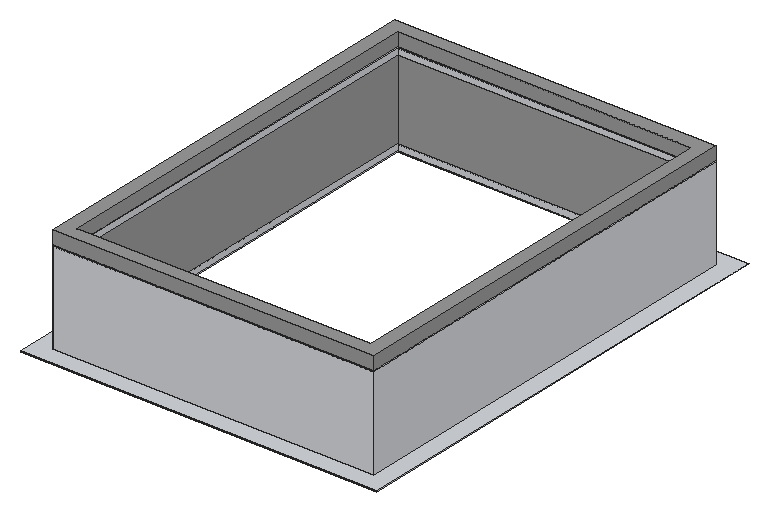
Revit family "UCC-3 (Flat Roof)", category Mechanical Equipment, Revit 2015
Parameters
  URL = "https://unitedenertech.com/catalog/pdf/M_3%20UCC-3.pdf"
  Type Comments = "Consult Factory for Max. Sizes"
  Model = "UCC-3"
  Manufacturer = "United Enertech Corporation"
  Height (12" Standard) = 1' - 0"
  Description = "Conventional Roof Curb (for Flat Roofs)"
  B Side O.D. = 4' - 0"
  A Side O.D. = 3' - 0"
Reference planes (in)
  plane 1 "Center (Front/Back)": y = 0
  plane 2: z = 0
  plane 3 "Center (Left/Right)": x = 0
  plane 4: x = -18
  plane 5: x = 18
  plane 6: y = -24
  plane 7: y = 24
  plane 8: x = -16.5
  plane 9: y = -22.5
  plane 10: x = 16.5
  plane 11: y = 22.5
  plane 12: x = -17.9522
  plane 13: x = -16.5478
  plane 14: x = -20
  plane 15: x = 17.9522
  plane 16: x = 16.5478
  plane 17: x = 20
  plane 18: y = -26
  plane 19: y = -23.9522
  plane 20: y = -22.5478
  plane 21: y = 26
  plane 22: y = 23.9522
  plane 23: y = 22.5478
  plane 24: z = 0.0478
  plane 25: z = 12
  plane 26: z = 10.5
  plane 27: z = 9.75
  plane 28: z = 0.7978
  plane 29: z = 10.4522
Forms (in)
  Extrusion 1, solid
    sketch origin (0, 0, 0) x (1, 0, 0) y (0, 1, 0)
      loop
        line (-20, -26) -> (20, -26) -> (20, 26) -> (-20, 26) -> (-20, -26)
      loop
        line (-16.5, -22.5) -> (16.5, -22.5) -> (16.5, 22.5) -> (-16.5, 22.5) -> (-16.5, -22.5)
    from 0 to 0.0478
  Extrusion 2, solid
    sketch origin (0, 0, 0) x (1, 0, 0) y (0, 1, 0)
      loop
        line (-16.5478, -22.5478) -> (16.5478, -22.5478) -> (16.5478, 22.5478) -> (-16.5478, 22.5478) -> (-16.5478, -22.5478)
      loop
        line (-16.5, -22.5) -> (16.5, -22.5) -> (16.5, 22.5) -> (-16.5, 22.5) -> (-16.5, -22.5)
    from 0.0478 to 0.7978
  Extrusion 3, solid
    sketch origin (0, 0, 0) x (1, 0, 0) y (0, 1, 0)
      loop
        line (-16.5478, -22.5478) -> (16.5478, -22.5478) -> (16.5478, 22.5478) -> (-16.5478, 22.5478) -> (-16.5478, -22.5478)
      loop
        line (-16.5, -22.5) -> (16.5, -22.5) -> (16.5, 22.5) -> (-16.5, 22.5) -> (-16.5, -22.5)
    from 9.75 to 10.4522
  Extrusion 4, solid
    sketch origin (0, 0, 0) x (1, 0, 0) y (0, 1, 0)
      loop
        line (-18, -24) -> (18, -24) -> (18, 24) -> (-18, 24) -> (-18, -24)
      loop
        line (-17.9522, -23.9522) -> (17.9522, -23.9522) -> (17.9522, 23.9522) -> (-17.9522, 23.9522) -> (-17.9522, -23.9522)
    from 0.0478 to 10.4522
  Extrusion 5, solid, material "Rigid insulation"
    sketch origin (0, 0, 0) x (1, 0, 0) y (0, 1, 0)
      loop
        line (-17.9522, 23.9522) -> (-17.9522, -23.9522) -> (17.9522, -23.9522) -> (17.9522, 23.9522) -> (-17.9522, 23.9522)
      loop
        line (-16.5478, -22.5478) -> (16.5478, -22.5478) -> (16.5478, 22.5478) -> (-16.5478, 22.5478) -> (-16.5478, -22.5478)
    from 0.0478 to 10.4522
  Extrusion 6, solid
    sketch origin (0, 0, 0) x (1, 0, 0) y (0, 1, 0)
      loop
        line (-18, -24) -> (18, -24) -> (18, 24) -> (-18, 24) -> (-18, -24)
      loop
        line (-16.5, -22.5) -> (16.5, -22.5) -> (16.5, 22.5) -> (-16.5, 22.5) -> (-16.5, -22.5)
    from 10.4522 to 10.5
  Extrusion 7, solid, material "Wood (Oak)"
    sketch origin (0, 0, 0) x (1, 0, 0) y (0, 1, 0)
      loop
        line (-18, -24) -> (18, -24) -> (18, 24) -> (-18, 24) -> (-18, -24)
      loop
        line (-16.5, -22.5) -> (16.5, -22.5) -> (16.5, 22.5) -> (-16.5, 22.5) -> (-16.5, -22.5)
    from 12 to 10.5
Dimensions and locks (in)
  equal spacing: plane 4, plane 3 "Center (Left/Right)", plane 5
  "A Side O.D.": plane 4 to plane 5
  equal spacing: plane 7, plane 1 "Center (Front/Back)", plane 6
  "B Side O.D.": plane 7 to plane 6
  locked: plane 9 to plane 6 at 1.5
  locked: plane 4 to plane 8 at 1.5
  locked: plane 10 to plane 5 at 1.5
  locked: plane 11 to plane 7 at 1.5
  locked: plane 14 to plane 4 at 2
  locked: plane 4 to plane 12 at 0.0478
  locked: plane 13 to plane 8 at 0.0478
  locked: plane 10 to plane 16 at 0.0478
  locked: plane 15 to plane 5 at 0.0478
  locked: plane 5 to plane 17 at 2
  locked: plane 19 to plane 6 at 0.0478
  locked: plane 20 to plane 9 at 0.0478
  locked: plane 6 to plane 18 at 2
  locked: plane 21 to plane 7 at 2
  locked: plane 11 to plane 23 at 0.0478
  locked: plane 22 to plane 7 at 0.0478
  locked: plane 24 to level at 0.0478
  locked: plane 28 to plane 24 at 0.75
  locked: plane 25 to plane 26 at 1.5
  locked: plane 26 to plane 27 at 0.75
  "Height (12" Standard)": plane 25 to level
  locked: plane 26 to plane 29 at 0.0478
  aligned and locked: level to plane 2
  aligned and locked: plane 14 to Extrusion 1 sketch curve
  aligned and locked: Extrusion 1 sketch curve to plane 21
  aligned and locked: plane 17 to Extrusion 1 sketch curve
  aligned and locked: Extrusion 1 sketch curve to plane 18
  aligned and locked: Extrusion 1 sketch curve to plane 9
  aligned and locked: Extrusion 1 sketch curve to plane 8
  aligned and locked: Extrusion 1 sketch curve to plane 11
  aligned and locked: Extrusion 1 sketch curve to plane 10
  aligned and locked: plane 24 to Extrusion 1
  aligned and locked: Extrusion 1 to level
  aligned and locked: Extrusion 2 sketch curve to plane 13
  aligned and locked: plane 23 to Extrusion 2 sketch curve
  aligned and locked: Extrusion 2 sketch curve to plane 16
  aligned and locked: plane 20 to Extrusion 2 sketch curve
  aligned and locked: Extrusion 2 sketch curve to plane 9
  aligned and locked: Extrusion 2 sketch curve to plane 10
  aligned and locked: Extrusion 2 sketch curve to plane 8
  aligned and locked: Extrusion 2 sketch curve to plane 11
  aligned and locked: Extrusion 2 to plane 24
  aligned and locked: plane 28 to Extrusion 2
  aligned and locked: plane 29 to Extrusion 3
  aligned and locked: Extrusion 3 to plane 27
  aligned and locked: plane 4 to Extrusion 4 sketch curve
  aligned and locked: plane 7 to Extrusion 4 sketch curve
  aligned and locked: Extrusion 4 sketch curve to plane 5
  aligned and locked: Extrusion 4 sketch curve to plane 6
  aligned and locked: Extrusion 4 sketch curve to plane 19
  aligned and locked: Extrusion 4 sketch curve to plane 12
  aligned and locked: Extrusion 4 sketch curve to plane 22
  aligned and locked: Extrusion 4 sketch curve to plane 15
  aligned and locked: plane 29 to Extrusion 4
  aligned and locked: Extrusion 4 to plane 24
  aligned and locked: plane 12 to Extrusion 5 sketch curve
  aligned and locked: plane 22 to Extrusion 5 sketch curve
  aligned and locked: Extrusion 5 sketch curve to plane 15
  aligned and locked: plane 19 to Extrusion 5 sketch curve
  aligned and locked: plane 20 to Extrusion 5 sketch curve
  aligned and locked: plane 23 to Extrusion 5 sketch curve
  aligned and locked: Extrusion 5 sketch curve to plane 13
  aligned and locked: Extrusion 5 sketch curve to plane 16
  aligned and locked: Extrusion 5 to plane 24
  aligned and locked: plane 29 to Extrusion 5
  aligned and locked: plane 7 to Extrusion 6 sketch curve
  aligned and locked: plane 4 to Extrusion 6 sketch curve
  aligned and locked: Extrusion 6 sketch curve to plane 5
  aligned and locked: Extrusion 6 sketch curve to plane 10
  aligned and locked: Extrusion 6 sketch curve to plane 9
  aligned and locked: Extrusion 6 sketch curve to plane 6
  aligned and locked: Extrusion 6 sketch curve to plane 8
  aligned and locked: Extrusion 6 sketch curve to plane 11
  aligned and locked: plane 29 to Extrusion 6
  aligned and locked: plane 26 to Extrusion 6
  aligned and locked: plane 4 to Extrusion 7 sketch curve
  aligned and locked: plane 7 to Extrusion 7 sketch curve
  aligned and locked: Extrusion 7 sketch curve to plane 5
  aligned and locked: Extrusion 7 sketch curve to plane 6
  aligned and locked: Extrusion 7 sketch curve to plane 9
  aligned and locked: Extrusion 7 sketch curve to plane 8
  aligned and locked: Extrusion 7 sketch curve to plane 10
  aligned and locked: Extrusion 7 sketch curve to plane 11
  aligned and locked: Extrusion 7 to plane 26
  aligned and locked: plane 25 to Extrusion 7
Automatic sketch dimensions
  Extrusion 3 sketch curve to plane 13 = 0' - 0"
  Extrusion 3 sketch curve to plane 8 = 0' - 0"
  Extrusion 3 sketch curve to plane 9 = 0' - 0"
  Extrusion 3 sketch curve to plane 10 = 0' - 0"
  Extrusion 3 sketch curve to plane 16 = 0' - 0"
  plane 20 to Extrusion 3 sketch curve = 0' - 0"
  plane 11 to Extrusion 3 sketch curve = 0' - 0"
  Extrusion 3 sketch curve to plane 23 = 0' - 0"
